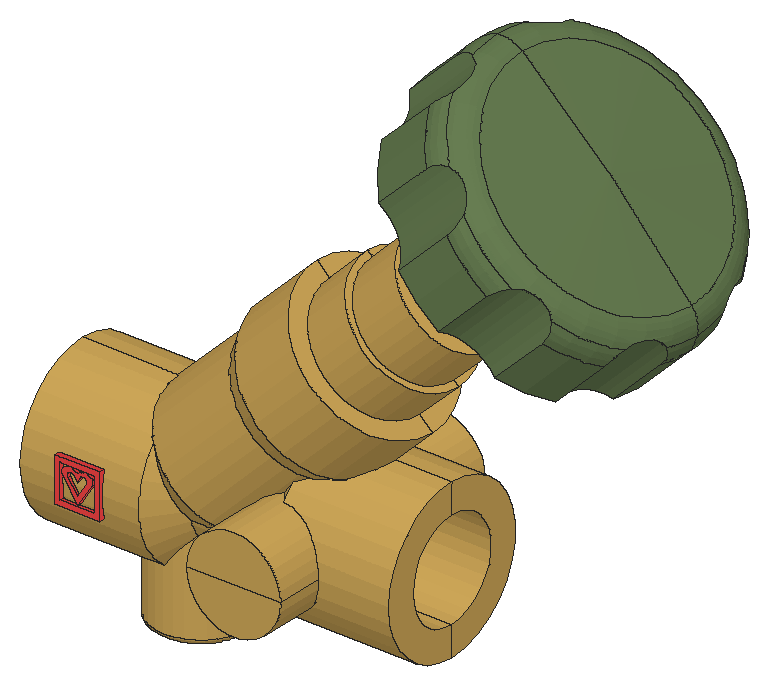
Revit family "HERZ Backflow Preventer With Check Valve 4126", category Rohrzubehör, Revit 2018
Family settings
  Bemaßung runder Anschluss = Durchmesser verwenden
  Teiletyp = Unterbricht
  OmniClass-Nummer = 23.65.55.14
  OmniClass-Titel = Valves for Liquid Services
  Arbeitsebenenbasiert = Nein
  Immer vertikal = Ja
  Beim Laden mit Abzugskörper schneiden = Nein
  Gemeinsam genutzt = Nein
Parameters
  Part number [instance] = size_lookup("4126_", "Artnr", 0, Nennweite)  # 2412602
  Operating pressure from the backflow preventer = "acc. to DIN EN 13959"  # constant formula
  W01 = 45.00°  # constant formula
  URL = "www.herzvalves.com"
  Spindle = "forged brass CW617N"  # constant formula
  SW01 = 60.00°  # constant formula
  SC_NennweiteBerechnet = 0
  SC_Dimension = ""
  SCTWSEQ = "FW;SBT_TYP_FW=\"109\";2"
  SCTWCODE = "04;00;02"  # constant formula
  S03 = 60.000 mm  # constant formula
  S02 [instance] = L06 + L09 + L12 + L15  # 95.900 mm
  S01 [instance] = R01 * 2  # 32.000 mm
  R12 [instance] = R01 - 1.000 mm  # 15.000 mm
  R11 [instance] = size_lookup("4126_", "R11", 46.500 mm, Nennweite)  # 5.400 mm
  R100 = 1.000 mm  # constant formula
  R10 [instance] = size_lookup("4126_", "R10", 46.500 mm, Nennweite)  # 8.500 mm
  R09 [instance] = size_lookup("4126_", "R9", 46.500 mm, Nennweite)  # 11.750 mm
  R08 [instance] = size_lookup("4126_", "R8", 46.500 mm, Nennweite)  # 13.000 mm
  R07 [instance] = size_lookup("4126_", "R7", 46.500 mm, Nennweite)  # 16.500 mm
  R06 [instance] = size_lookup("4126_", "R6", 43.000 mm, Nennweite)  # 14.600 mm
  R05 [instance] = Nennweite / 2  # 10.000 mm
  R04 [instance] = size_lookup("4126_", "R4", 11.500 mm, Nennweite)  # 9.500 mm
  R03 = 9.500 mm  # constant formula
  R02 [instance] = Nennweite / 2  # 10.000 mm
  R01 [instance] = size_lookup("4126_", "R1", 11.500 mm, Nennweite)  # 16.000 mm
  Note = "Pursuant to Article 33 of the REACH Regulation (EC No. 1907/2006), we are obliged to point out that the material lead is listed on the SVHC list and that all brass components manufactured in our products exceed 0.1% (w / w) lead (CAS: 7439-92-1 / EINECS: 231-100-4).\r\nSince lead is a component part of an alloy, actual exposure is not possible and therefore no additional information on safe use is necessary."
  Nennweite [instance] = 20.000 mm
  Medium = "Water"  # constant formula
  Max. operating temperature = 80 °C  # constant formula
  Max. operating pressure = 1600000.0 Pa  # constant formula
  Max. differential pressure on closed seat = 1000000.0 Pa  # constant formula
  L16 [instance] = L01 / 2  # 12.000 mm
  L15 [instance] = size_lookup("4126_", "L15", 12.400 mm, Nennweite)  # 12.400 mm
  L14 [instance] = size_lookup("4126_", "L14", 81.000 mm, Nennweite)  # 8.000 mm
  L12 [instance] = size_lookup("4126_", "L12", 81.000 mm, Nennweite)  # 33.500 mm
  L11 [instance] = size_lookup("4126_", "L11", 60.000 mm, Nennweite)  # 12.500 mm
  L10 [instance] = size_lookup("4126_", "L10", 20.000 mm, Nennweite)  # 11.000 mm
  L09 [instance] = size_lookup("4126_", "L9", 11.000 mm, Nennweite)  # 15.500 mm
  L08 [instance] = size_lookup("4126_", "L8", 35.000 mm, Nennweite)  # 30.100 mm
  L07 [instance] = size_lookup("4126_", "L7", 35.000 mm, Nennweite)  # 13.500 mm
  L06 [instance] = size_lookup("4126_", "L6", 118.000 mm, Nennweite) - L09  # 34.500 mm
  L05 [instance] = size_lookup("4126_", "L5", 44.000 mm, Nennweite)  # 26.500 mm
  L04 [instance] = size_lookup("4126_", "L4", 45.000 mm, Nennweite)  # 25.500 mm
  L03 = 15.000 mm  # constant formula
  L02 [instance] = size_lookup("4126_", "L2", 22.000 mm, Nennweite)  # 8.000 mm
  L01 [instance] = size_lookup("4126_", "L1", 48.000 mm, Nennweite)  # 24.000 mm
  L00 [instance] = size_lookup("4126_", "L", 180.000 mm, Nennweite)  # 75.000 mm
  Bonnet = "forged brass CW617N"  # constant formula
  Hersteller = "HERZ Armaturen Ges.m.b.H."  # constant formula
  Hand wheel = "plastic, green"  # constant formula
  H01 [instance] = size_lookup("4126_", "H1", 53.000 mm, Nennweite)  # 26.400 mm
  Occasional temperature rises = "up to 95°C, if they do not last longer than 1 h"  # constant formula
  DN50 [instance] = Nennweite = 50.000 mm  # no
  DN40 [instance] = Nennweite = 40.000 mm  # no
  DN32 [instance] = Nennweite = 32.000 mm  # no
  DN25-DN50 [instance] = or(Nennweite = 25.000 mm, Nennweite = 32.000 mm, Nennweite = 40.000 mm, Nennweite = 50.000 mm)  # no
  DN25 [instance] = Nennweite = 25.000 mm  # no
  DN20 [instance] = Nennweite = 20.000 mm  # yes
  DN15 [instance] = Nennweite = 15.000 mm  # no
  Body = "DZR brass CC770S"  # constant formula
  Application = "For shutting off drinking water installations and circulation pipes in buildings."
Reference planes
  plane 1 "Mitte (Vorne/hinten)": y = 0
  plane 2: z = 0
  plane 3 "Mitte (Links/rechts)": x = 0
Forms (mm)
  Revolve 1, solid, material "Messing, weicher Gelbton, geschweißt", detail levels fine
    sketch origin (470, 0, 0) x (1, 0, 0) y (0, 0, 1)
      loop
        line (-507.5, 10) -> (-492.5, 10) -> (-492.5, 0) -> (-447.5, 0) -> (-447.5, 10) -> (-432.5, 10) -> (-432.5, 16) -> (-456.5, 16) -> (-462, 10) -> (-478, 10) -> (-483.5, 16) -> (-507.5, 16) -> (-507.5, 10)
      axis (-507.5, 0) -> (-432.5, 0)
    angle from 0 to 360
  Revolve 2, solid, material "Messing, weicher Gelbton, geschweißt", detail levels fine
    sketch origin (470, 0, 0) x (1, 0, 0) y (0, 0, 1)
      loop
        line (-493, 0) -> (-493, -25.4)
        arc (-493, -25.4) -> (-492.707, -26.107) -> (-492, -26.4) r 1
        line (-492, -26.4) -> (-483.5, -26.4) -> (-483.5, 0) -> (-493, 0)
      axis (-483.5, 0) -> (-483.5, -26.4)
    angle from 0 to 360
  Revolve 3, solid, material "Messing, weicher Gelbton, geschweißt", detail levels fine
    sketch origin (0, 0, 0) x (1, 0, 0) y (0, 1, 0)
      loop
        line (13.5, -25.5) -> (23, -25.5) -> (23, 26.5) -> (13.5, 26.5) -> (13.5, -25.5)
      axis (13.5, -25.5) -> (13.5, 26.5)
    angle from 0 to 360
  Revolve 4, solid, material "Messing, weicher Gelbton, geschweißt", visible <- "DN25-DN50", detail levels fine
    sketch origin (-470, 0, 0) x (-1, 0, 0) y (0, 0, 1)
      loop
        line (-493, 0) -> (-493, -25.4)
        arc (-493, -25.4) -> (-492.707, -26.107) -> (-492, -26.4) r 1
        line (-492, -26.4) -> (-483.5, -26.4) -> (-483.5, 0) -> (-493, 0)
      axis (-483.5, 0) -> (-483.5, -26.4)
    angle from 0 to 360
  Revolve 5, solid, material "Messing, weicher Gelbton, geschweißt", detail levels fine
    sketch origin (0.32, 0, -0.105) x (1, 0, 0) y (0, 0, 1)
      loop
        line (-13.82, 0) -> (53.991, 67.812) -> (50.173, 71.63) -> (41.405, 62.862) -> (39.213, 65.054) -> (32.142, 57.983) -> (29.844, 60.281) -> (21.005, 51.442) -> (20.121, 52.326) -> (12.343, 44.548) -> (9.868, 47.023) -> (-1.092, 36.062) -> (-2.86, 31.608) -> (-18.487, 15.981) -> (-20.891, 7.071) -> (-13.82, 0)
      axis (-13.82, 0) -> (53.991, 67.812)
    angle from 0 to 360
Lines and regions (mm)
  model lines, detail levels coarse+medium
    curve 1: line (-37.5, 0, 16) -> (-37.5, 0, -16)
    curve 2: line (-37.5, 0, -16) -> (37.5, 0, 16)
    curve 3: line (37.5, 0, 16) -> (37.5, 0, -16)
    curve 4: line (37.5, 0, -16) -> (-37.5, 0, 16)
    curve 5: line (0, 0, 0) -> (47.95, 0, 83.052)
    curve 6: line (21.969, 0, 98.052) -> (73.931, 0, 68.052)
    curve 7: line (-37.5, -16, 0) -> (-37.5, 16, 0)
    curve 8: line (-37.5, 16, 0) -> (37.5, -16, 0)
    curve 9: line (37.5, -16, 0) -> (37.5, 16, 0)
    curve 10: line (37.5, 16, 0) -> (-37.5, -16, 0)
    curve 11: line (0, 0, 0) -> (47.95, 83.052, 0)
    curve 12: line (21.969, 98.052, 0) -> (73.931, 68.052, 0)
Dimensions and locks
  "H01": plane 2 to Revolve 2 sketch curve
  "L00": Revolve 1 sketch curve to Revolve 1 sketch curve
  equal spacing: Revolve 1 sketch curve, plane 3 "Mitte (Links/rechts)", Revolve 1 sketch curve
  "R01": Revolve 1 sketch curve to Revolve 1 sketch curve  (x2)
  "R02": Revolve 1 sketch curve to Revolve 1 sketch curve  (x3)
  "L01": Revolve 1 sketch curve to Revolve 1 sketch curve  (x2)
  "L02": plane 3 "Mitte (Links/rechts)" to Revolve 1 sketch curve
  "L02": Revolve 1 sketch curve to plane 3 "Mitte (Links/rechts)"
  "L03": Revolve 1 sketch curve to Revolve 1 sketch curve  (x2)
  "L01": Revolve 1 to Revolve 2 sketch curve
  "R03": Revolve 2 sketch curve to Revolve 2 sketch curve
  "L01": Revolve 4 sketch curve to Revolve 1
  "R03": Revolve 4 sketch curve to Revolve 4 sketch curve
  "H01": plane 2 to Revolve 4 sketch curve
  "L04": Revolve 3 sketch curve to plane 1 "Mitte (Vorne/hinten)"
  "L05": plane 1 "Mitte (Vorne/hinten)" to Revolve 3 sketch curve
  "R04": Revolve 3 sketch curve to Revolve 3 sketch curve
  "L01": Revolve 3 sketch curve to Revolve 1
  "R07": Revolve 5 sketch curve to Revolve 5 sketch curve
  "L07": plane 3 "Mitte (Links/rechts)" to Revolve 5 sketch curve
  "R05": Revolve 5 sketch curve to Revolve 5 sketch curve
  "L06": Revolve 5 sketch curve to Revolve 5 sketch curve
  "L08": Revolve 5 sketch curve to Revolve 5 sketch curve
  "R06": Revolve 5 sketch curve to Revolve 5 sketch curve
  "L14": Revolve 5 sketch curve to Revolve 5 sketch curve
  "L09": Revolve 5 sketch curve to Revolve 5 sketch curve
  "R08": Revolve 5 sketch curve to Revolve 5 sketch curve
  "L10": Revolve 5 sketch curve to Revolve 5 sketch curve
  "R09": Revolve 5 sketch curve to Revolve 5 sketch curve
  "R10": Revolve 5 sketch curve to Revolve 5 sketch curve
  "L12": Revolve 5 sketch curve to Revolve 5 sketch curve
  "R11": Revolve 5 sketch curve to Revolve 5 sketch curve
  "L15": Revolve 5 sketch curve to Revolve 5 sketch curve
  "L11": Revolve 5 sketch curve to Revolve 5 sketch curve
  "R12": nested 7 to plane 1 "Mitte (Vorne/hinten)"
  "L16": Revolve 1 to nested 7
  "L00": curve 1 to curve 3
  "S01": curve 4 to curve 2
  "S01": curve 3 to curve 4
  equal spacing: curve 4, plane 2, curve 2
  equal spacing: curve 3, plane 2, curve 4
  "S02": curve 5 to curve 5
  equal spacing: curve 6, curve 5, curve 6
  "S03": curve 6 to curve 6
  "L00": curve 7 to curve 9
  "S01": curve 10 to curve 8
  curve 9 to curve 10 = 32.000 mm
  equal spacing: curve 12, curve 11, curve 12
  "S03": curve 12 to curve 12
  "S02": curve 11 to curve 11
  equal spacing: curve 10, plane 1 "Mitte (Vorne/hinten)", curve 8
  equal spacing: curve 9, plane 1 "Mitte (Vorne/hinten)", curve 10
  equal spacing: curve 7, plane 3 "Mitte (Links/rechts)", curve 9
  equal spacing: Revolve 1, curve 5, Revolve 1
  equal spacing: curve 7, curve 11, Revolve 1
  equal spacing: curve 1, plane 3 "Mitte (Links/rechts)", curve 3
  "R100": radius of Revolve 2 sketch curve
  "R100": radius of Revolve 4 sketch curve
  "W01": angle plane 2 to Revolve 5 sketch curve
  "W01": angle level to Revolve 5 sketch curve
  "SW01": angle plane 2 to curve 5
  "SW01": angle plane 1 "Mitte (Vorne/hinten)" to curve 11
  aligned and locked: level to plane 2
Automatic sketch dimensions
  curve 5 to level = 0.000 mm
  plane 1 "Mitte (Vorne/hinten)" to curve 11 = 0.000 mm
  Revolve 1 sketch curve to level = 0.000 mm  (x2)
  Revolve 1 sketch curve to Revolve 1 sketch curve = 791.990 mm
  Revolve 1 sketch curve to Revolve 1 sketch curve = 2278.983 mm
  Revolve 2 sketch curve to level = 0.000 mm  (x2)
  Revolve 2 sketch curve to Revolve 2 sketch curve = 0.000 mm
  Revolve 2 sketch curve to Revolve 2 sketch curve = 0.292 mm
  Revolve 3 sketch curve to Revolve 3 sketch curve = 0.000 mm  (x3)
  Revolve 4 sketch curve to level = 0.000 mm  (x2)
  Revolve 4 sketch curve to Revolve 4 sketch curve = 0.000 mm
  Revolve 4 sketch curve to Revolve 4 sketch curve = 0.292 mm
  Revolve 5 sketch curve to level = 0.105 mm
  Revolve 5 sketch curve to Revolve 5 sketch curve = 0.000 mm  (x2)
Nested families
  nested 1: "Strömax-Handrad_Schrägsitz (Grün)" at (42.584, 0, 54.979), visible <- "DN15", type "Strömax-Handrad_Schrägsitz (Grün)", detail levels fine
    with Nennweite 0.000 mm, Gewicht 0.00 kg, Bestellnummer 0
  nested 2: "Strömax-Handrad_Schrägsitz (Grün)" at (54.312, 0, 67.707), visible <- "DN20", type "Strömax-Handrad_Schrägsitz (Grün)", detail levels fine
    with Nennweite 0.000 mm, Gewicht 0.00 kg, Bestellnummer 0
  nested 3: "Strömax-Handrad_Schrägsitz (Grün)" at (62.469, 0, 80.364), visible <- "DN25", type "Strömax-Handrad_Schrägsitz (Grün)", detail levels fine
    with Nennweite 0.000 mm, Gewicht 0.00 kg, Bestellnummer 0
  nested 4: "Strömax-Handrad_Schrägsitz (Grün)" at (71.712, 0, 91.607), visible <- "DN32", type "Strömax-Handrad_Schrägsitz (Grün)", detail levels fine
    with Nennweite 0.000 mm, Gewicht 0.00 kg, Bestellnummer 0
  nested 5: "Strömax-Handrad_Schrägsitz (Grün)" at (80.399, 0, 101.294), visible <- "DN40", type "Strömax-Handrad_Schrägsitz (Grün)", detail levels fine
    with Nennweite 0.000 mm, Gewicht 0.00 kg, Bestellnummer 0
  nested 6: "Strömax-Handrad_Schrägsitz (Grün)" at (97.83, 0, 129.225), visible <- "DN50", type "Strömax-Handrad_Schrägsitz (Grün)", detail levels fine
    with Nennweite 0.000 mm, Gewicht 0.00 kg, Bestellnummer 0
  nested 7: "Herz-Logo-vorne" at (-25.5, -15.732, 0) x (0, 1, 0) z (0, 0, 1), type "Herz-Logo-vorne", detail levels fine
Connectors
  piping at (-22.5, 0, 0), diameter 20, driven by "Nennweite"
    settings: on Revolve 1, index 1, connector inside diameter 609.6 mm, connector length 0.000 mm, flow factor 0, pipe flow 0.0 L/s, pressure drop 0.0 Pa, fitting loss kfactor 0, connector angle 0.00°, fixture units 0, engagement length 0.000 mm, angle of deflection 0.00°, flow configuration 0, flow direction 1, fitting loss method 0, system type 29, joint type 0, gender type 0, connector reference index -1, connector utility 0, adjustable connector no, is connector primary yes, connector description ""
  piping at (22.5, 0, 0), diameter 20, driven by "Nennweite"
    settings: on Revolve 1, index 2, connector inside diameter 609.6 mm, connector length 0.000 mm, flow factor 0, pipe flow 0.0 L/s, pressure drop 0.0 Pa, fitting loss kfactor 0, connector angle 0.00°, fixture units 0, engagement length 0.000 mm, angle of deflection 0.00°, flow configuration 0, flow direction 2, fitting loss method 0, system type 29, joint type 0, gender type 0, connector reference index -1, connector utility 0, adjustable connector no, is connector primary no, connector description ""
Definition of nested family "Strömax-Handrad_Schrägsitz (Grün)"
  Parameters (values of type "Strömax-Handrad_Schrägsitz (Grün)")
    URL = "www.herz-armaturen.at"
    Nennweite [instance] = 0.000 mm
    Manufacturer = "Herz Armaturen GmbH"  # constant formula
    Gewicht [instance] = 0.00 kg
    Bestellnummer [instance] = 0
  Reference planes
    plane 1 "Mitte (Vorne/hinten)": y = 0
    plane 2: z = 0
    plane 3 "Mitte (Links/rechts)": x = 0
  Forms (mm)
    Revolve 1, solid
      sketch origin (0, 0, 0) x (0.707107, 0, -0.707107) y (0.707107, 0, 0.707107)
        loop
          line (0, 0) -> (0, 22)
          arc (0, 22) -> (-12.15, 21.705) -> (-24.271, 20.819) r 250
          arc (-24.271, 20.819) -> (-26.831, 19.959) -> (-28.754, 18.063) r 6
          arc (-28.754, 18.063) -> (-29.682, 16.008) -> (-30, 13.776) r 8
          line (-30, 13.776) -> (-30, 0) -> (0, 0)
        axis (0, 22) -> (0, 0)
      angle from 0 to 360
    Extrusion 2, void
      sketch origin (0, 0, 0) x (0.707107, 0, -0.707107) y (0, 1, 0)
        loop
          circle (14.351, -34.645) r 10
      from 0 to 22
    Extrusion 3, void
      sketch origin (0, 0, 0) x (-0.707107, 0, 0.707107) y (0, -1, 0)
        loop
          circle (14.351, 34.645) r 10
      from 0 to 22
    Extrusion 4, void
      sketch origin (0, 0, 0) x (0, -1, 0) y (0.707107, 0, -0.707107)
        loop
          circle (14.351, 34.645) r 10
      from 0 to 22
    Extrusion 5, void
      sketch origin (0, 0, 0) x (0, 1, 0) y (-0.707107, 0, 0.707107)
        loop
          circle (14.351, -34.645) r 10
      from 0 to 22
    Extrusion 6, void
      sketch origin (0, 0, 0) x (0, -1, 0) y (0.707107, 0, -0.707107)
        loop
          circle (14.351, -34.645) r 10
      from 0 to 22
    Extrusion 7, void
      sketch origin (0, 0, 0) x (0, 1, 0) y (-0.707107, 0, 0.707107)
        loop
          circle (14.351, 34.645) r 10
      from 0 to 22
    Extrusion 8, void
      sketch origin (0, 0, 0) x (0.707107, 0, -0.707107) y (0, 1, 0)
        loop
          circle (14.351, 34.645) r 10
      from 0 to 22
    Extrusion 9, void
      sketch origin (0, 0, 0) x (-0.707107, 0, 0.707107) y (0, -1, 0)
        loop
          circle (14.351, -34.645) r 10
      from 0 to 22
  Cuts and joins
    Extrusion 2, Extrusion 3, Extrusion 4, Extrusion 5, Extrusion 6, Extrusion 7, Extrusion 8, Extrusion 9 cuts Revolve 1
  Dimensions and locks
    aligned and locked: level to plane 2
Definition of nested family "Herz-Logo-vorne"
  Reference planes
    plane 1 "Mitte (Vorne/hinten)": y = 0
    plane 2: z = 0
    plane 3 "Mitte (Links/rechts)": x = 0
  Forms (mm)
    Extrusion 1, solid
      sketch origin (0.732, -0.018, 0.017) x (0, -1, 0) y (0, 0, 1)
        loop
          line (-0.018, -4.517) -> (4.482, -4.517) -> (4.482, 4.483) -> (-4.518, 4.483) -> (-4.518, -4.517) -> (-0.018, -4.517)
        loop
          line (-0.05, -3.48) -> (3.482, -3.48) -> (3.482, 3.483) -> (-3.518, 3.483) -> (-3.518, -3.48) -> (-0.05, -3.48)
        loop
          arc (-0.018, 2.383) -> (-1.543, 3.287) -> (-3.067, 2.383) r 1.738
          arc (-3.067, 2.383) -> (-3.191, 1.899) -> (-3.067, 1.415) r 1.009
          line (-3.067, 1.415) -> (-0.018, -3.281) -> (3.032, 1.415)
          arc (3.032, 1.415) -> (3.156, 1.899) -> (3.032, 2.383) r 1.009
          arc (3.032, 2.383) -> (1.507, 3.287) -> (-0.018, 2.383) r 1.738
        loop
          arc (1.885, 1.272) -> (2.005, 1.675) -> (1.885, 2.079) r 0.74
          arc (1.885, 2.079) -> (1.265, 2.416) -> (0.644, 2.079) r 0.74
          line (0.644, 2.079) -> (-0.018, 0.97) -> (-0.679, 2.079)
          arc (-0.679, 2.079) -> (-1.3, 2.416) -> (-1.921, 2.079) r 0.74
          arc (-1.921, 2.079) -> (-2.04, 1.675) -> (-1.921, 1.272) r 0.74
          line (-1.921, 1.272) -> (-0.018, -1.658) -> (1.885, 1.272)
      from 0 to 1.5
  Dimensions and locks
    aligned and locked: level to plane 2
